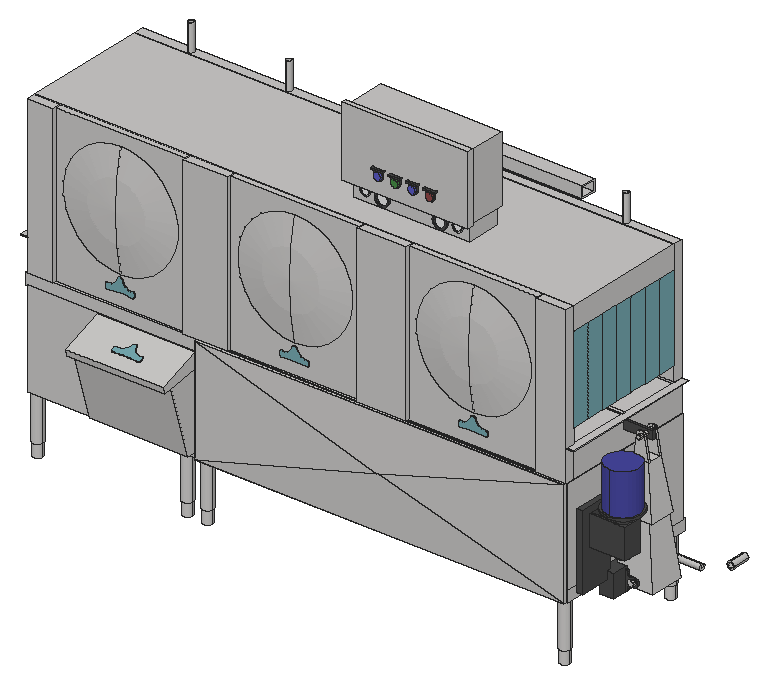
Revit family (continued)
Lines and regions (in)
  symbolic lines, visible <- "Left Vent"
    curve 32: line (-34.10978, -48.0625, 10) -> (-30.23478, -48.0625, 10)
    curve 33: line (-34.10978, -72.9375, 10) -> (-34.10978, -48.0625, 10)
    curve 34: line (-30.23478, -72.9375, 10) -> (-34.10978, -72.9375, 10)
    curve 35: line (-30.23478, -48.0625, 10) -> (-30.23478, -72.9375, 10)
  symbolic lines, style "QF_Clearances", visible <- "Left Vent", detail levels coarse
    curve 36: line (-37.17228, -47.5, 0) -> (-37.17228, -43, 0)
    curve 37: line (-37.17228, -43, 0) -> (-28.42228, -43, 0)
  symbolic lines, visible <- "Standard Doors"
    curve 41: line (-22.70185, -72.5, 0) -> (-0.20185, -72.5, 0)
    curve 45: line (7.57772, -72.5, 0) -> (30.07772, -72.5, 0)
    curve 52: line (61.07772, -72.5, 0) -> (38.57772, -72.5, 0)
  symbolic lines, visible <- "Swing Doors"
    curve 53: line (-2.01435, -72.99658, 55.5) -> (-2.01435, -74.12158, 55.5)
    curve 54: line (-1.26435, -72.99658, 55.5) -> (-1.26435, -74.12158, 55.5)
    curve 55: arc (-1.26435, -74.12158, 55.5) -> (-1.63935, -74.49658, 55.5) -> (-2.01435, -74.12158, 55.5) r 0.375
    curve 56: line (28.26522, -72.99658, 55.5) -> (28.26522, -74.12158, 55.5)
    curve 57: line (29.01522, -72.99658, 55.5) -> (29.01522, -74.12158, 55.5)
    curve 58: arc (29.01522, -74.12158, 55.5) -> (28.64022, -74.49658, 55.5) -> (28.26522, -74.12158, 55.5) r 0.375
    curve 59: line (39.64022, -72.99658, 55.5) -> (39.64022, -74.12158, 55.5)
    curve 60: line (40.39022, -72.99658, 55.5) -> (40.39022, -74.12158, 55.5)
    curve 61: arc (40.39022, -74.12158, 55.5) -> (40.01522, -74.49658, 55.5) -> (39.64022, -74.12158, 55.5) r 0.375
  symbolic lines, style "QF_Clearances", visible <- "Swing Doors", detail levels coarse
    curve 62: line (-22.70185, -95.5, 55.5) -> (-22.70185, -73, 55.5)
    curve 63: arc (-22.70185, -95.5, 55.5) -> (-6.79195, -88.9099, 55.5) -> (-0.20185, -73, 55.5) r 22.5
    curve 64: line (7.57772, -95.5, 55.5) -> (7.57772, -73, 55.5)
    curve 65: arc (7.57772, -95.5, 55.5) -> (23.48762, -88.9099, 55.5) -> (30.07772, -73, 55.5) r 22.5
    curve 66: line (61.07772, -95.5, 55.5) -> (61.07772, -73, 55.5)
    curve 67: arc (61.07772, -95.5, 55.5) -> (45.16782, -88.9099, 55.5) -> (38.57772, -73, 55.5) r 22.5
  symbolic lines, style "QF_Surface Details"
    curve 68: line (36.82772, -54.84398, 52.4375) -> (7.82772, -54.84398, 52.4375)
    curve 69: line (7.82772, -54.84398, 52.4375) -> (12.32772, -52.34959, 52.4375)
    curve 70: line (7.82772, -54.84398, 52.4375) -> (12.32772, -57.33837, 52.4375)
Dimensions and locks (in)
  "Depth": plane 6 "FRONT" to plane 3 "BACK"
  locked: plane 7 "Right of Top" to plane 5 "RIGHT" at 0.25
  locked: plane 7 "Right of Top" to plane 8 "Right of Ledge" at 1.5
  locked: plane 11 "Bottom of Machine" to level at 10
  "Table Height": plane 12 "Table Height" to level
  "Machine Height": plane 13 "Top of Machine" to level
  "Total Height": plane 4 "TOP" to level
  locked: plane 15 to plane 11 "Bottom of Machine" at 2
  locked: plane 12 "Table Height" to plane 14 "Panel Top" at 5.5
  locked: plane 6 "FRONT" to plane 16 at 0.5
  locked: plane 3 "BACK" to plane 17 at 0.5
  locked: plane 18 to plane 2 "Left of Main Body" at 0.25
  locked: plane 5 "RIGHT" to plane 19 at 0.25
  locked: plane 3 "BACK" to plane 20 at 1.625
  locked: plane 6 "FRONT" to plane 21 at 1.625
  equal spacing: plane 2 "Left of Main Body", plane 22 "Door Center", plane 5 "RIGHT"
  "Single Door Opening": plane 23 to plane 24
  locked: plane 13 "Top of Machine" to plane 25 "Top of Opening" at 4
  locked: plane 22 "Door Center" to Blend 10 sketch curve at 0.03125  (x2)
  locked: Extrusion 13 sketch curve to plane 21 at 1.125
  locked: plane 26 to level at 2.25
  plane 18 to Extrusion 14 sketch curve = 0' - 1 1/4"
  plane 17 to Extrusion 14 sketch curve = 0' - 1 1/2"
  locked: plane 17 to Extrusion 15 sketch curve at 1.5
  locked: plane 18 to Extrusion 15 sketch curve at 1.25
  locked: plane 17 to Extrusion 16 sketch curve at 1.5
  locked: Extrusion 16 sketch curve to plane 19 at 1.25
  locked: Extrusion 17 sketch curve to plane 19 at 1.25
  locked: plane 17 to Extrusion 17 sketch curve at 1.5
  locked: Extrusion 20 sketch curve to plane 19 at 1.25
  locked: Extrusion 20 sketch curve to plane 16 at 1.5
  locked: Extrusion 21 sketch curve to plane 19 at 1.25
  locked: Extrusion 21 sketch curve to plane 16 at 1.5
  locked: Extrusion 18 sketch curve to plane 16 at 1.5
  locked: plane 18 to Extrusion 18 sketch curve at 1.25
  locked: Extrusion 19 sketch curve to plane 16 at 1.5
  locked: plane 18 to Extrusion 19 sketch curve at 1.25
  locked: plane 27 to plane 22 "Door Center" at 10
  locked: plane 27 to plane 28 at 20
  locked: plane 29 to plane 22 "Door Center" at 11
  locked: plane 29 to plane 30 at 22
  plane 31 "Front of Lower Panel" to plane 6 "FRONT" = 0' - 6 1/2"
  locked: plane 32 to plane 31 "Front of Lower Panel" at 6
  locked: plane 33 to plane 6 "FRONT" at 6
  locked: plane 34 "Back of Panel" to plane 33 at 7
  locked: plane 33 to plane 35 "Front of Upper Panel" at 1
  locked: plane 29 to plane 36 at 0.5
  locked: plane 37 to plane 30 at 0.5
  locked: Extrusion 27 sketch curve to plane 27 at 5
  locked: Extrusion 27 sketch curve to plane 13 "Top of Machine" at 1.5
  locked: Extrusion 28 sketch curve to plane 27 at 2
  locked: Extrusion 28 sketch curve to plane 13 "Top of Machine" at 1.75
  locked: Extrusion 31 sketch curve to plane 28 at 5
  locked: Extrusion 31 sketch curve to plane 13 "Top of Machine" at 1.5
  locked: Extrusion 32 sketch curve to plane 28 at 2
  locked: Extrusion 32 sketch curve to plane 13 "Top of Machine" at 1.75
  locked: Extrusion 41 sketch curve to plane 14 "Panel Top" at 4.12493
  locked: plane 38 to plane 9 "Right End Cowl" at 0.125
  locked: plane 10 to plane 39 at 3.875
  locked: plane 40 to plane 41 at 24.875
  locked: plane 41 to plane 6 "FRONT" at 0.0625
  plane 42 "Top of Vents" to plane 13 "Top of Machine" = 0' - 4"
  locked: Extrusion 46 sketch curve to plane 5 "RIGHT" at 1.375
  locked: plane 5 "RIGHT" to Extrusion 47 sketch curve at 1.375
  locked: plane 5 "RIGHT" to Extrusion 47 sketch curve at 7.625
  locked: plane 5 "RIGHT" to Extrusion 47 sketch curve at 6
  locked: plane 5 "RIGHT" to Extrusion 48 sketch curve at 6
  locked: plane 5 "RIGHT" to Extrusion 51 sketch curve at 6
  locked: plane 5 "RIGHT" to Extrusion 52 sketch curve at 6
  locked: plane 5 "RIGHT" to Blend 50 sketch curve at 6
  locked: Extrusion 63 sketch curve to plane 3 "BACK" at 0.75
  locked: plane 43 to plane 22 "Door Center" at 14.5
  locked: plane 43 to plane 44 at 29
  locked: plane 46 to plane 13 "Top of Machine" at 2
  locked: plane 45 to plane 3 "BACK" at 3
  Extrusion 66 sketch curve to plane 13 "Top of Machine" = 1' - 1"
  locked: plane 30 to Extrusion 66 sketch curve at 1
  Extrusion 67 sketch curve to plane 3 "BACK" = 0' - 3"
  locked: plane 47 to plane 3 "BACK" at 5
  locked: plane 48 to plane 13 "Top of Machine" at 29
  "Single Door Opening": plane 49 to plane 50
  locked: Extrusion 63 sketch curve to plane 5 "RIGHT" at 9
  locked: Extrusion 77 sketch curve to plane 3 "BACK" at 0.75
  locked: plane 51 to plane 53 at 0.125
  locked: plane 54 to plane 52 at 3.875
  "Width": plane 55 "LEFT" to plane 5 "RIGHT"
  locked: plane 57 to plane 56 at 1.5
  "Single Door Opening": plane 60 to plane 59
  locked: plane 55 "LEFT" to Extrusion 96 sketch curve at 9
  Extrusion 67 sketch curve to plane 5 "RIGHT" = 0' - 5"
  locked: plane 55 "LEFT" to plane 56 at 0.25
  locked: plane 58 to plane 55 "LEFT" at 0.25
  locked: plane 61 to plane 18 at 17
  plane 55 "LEFT" to Extrusion 91 sketch curve = 1' - 9"
  plane 55 "LEFT" to Extrusion 77 sketch curve = 2' - 2"
  locked: plane 62 to plane 63 at 5
  locked: plane 5 "RIGHT" to plane 62 at 6
  locked: plane 64 to level at 8
  locked: plane 3 "BACK" to plane 65 "Drain" at 3
  locked: plane 53 to plane 54 at 2.9375
  locked: plane 51 to plane 55 "LEFT" at 10
  locked: plane 39 to plane 38 at 2.9375
  locked: plane 5 "RIGHT" to plane 9 "Right End Cowl" at 10
  locked: plane 55 "LEFT" to plane 2 "Left of Main Body" at 29.5
  locked: plane 55 "LEFT" to plane 60 at 4.47043
  locked: plane 2 "Left of Main Body" to plane 23 at 5.25
  locked: plane 50 to plane 5 "RIGHT" at 5.25
  locked: plane 60 to plane 67 at 0.25
  locked: plane 69 to plane 59 at 0.125
  locked: plane 71 to plane 59 at 1.4375
  locked: plane 23 to plane 66 at 0.25
  locked: plane 68 to plane 24 at 0.125
  locked: plane 70 to plane 24 at 1.4375
  locked: plane 49 to plane 72 at 0.125
  locked: plane 49 to plane 73 at 1.4375
  locked: plane 74 to plane 50 at 0.25
  aligned and locked: level to plane 1
  aligned and locked: Extrusion 1 sketch curve to plane 17
  aligned and locked: Extrusion 1 sketch curve to plane 18
  aligned and locked: plane 19 to Extrusion 1 sketch curve
  aligned and locked: Extrusion 1 to plane 11 "Bottom of Machine"
  aligned and locked: plane 15 to Extrusion 1
  aligned and locked: plane 2 "Left of Main Body" to Extrusion 2 sketch curve
  aligned and locked: plane 6 "FRONT" to Extrusion 2 sketch curve
  aligned and locked: plane 3 "BACK" to Extrusion 2 sketch curve
  aligned and locked: plane 14 "Panel Top" to Extrusion 2
  aligned and locked: Extrusion 2 to plane 15
  aligned: plane 2 "Left of Main Body" to Extrusion 3 sketch curve
  aligned and locked: Extrusion 3 sketch curve to plane 6 "FRONT"
  aligned and locked: Extrusion 3 sketch curve to plane 3 "BACK"
  aligned and locked: plane 5 "RIGHT" to Extrusion 4 sketch curve
  aligned and locked: plane 6 "FRONT" to Extrusion 4 sketch curve
  aligned and locked: plane 8 "Right of Ledge" to Extrusion 4 sketch curve
  aligned and locked: plane 3 "BACK" to Extrusion 4 sketch curve
  aligned and locked: plane 3 "BACK" to Extrusion 5 sketch curve
  aligned and locked: Extrusion 5 sketch curve to plane 21
  aligned and locked: Extrusion 5 to plane 14 "Panel Top"
  aligned and locked: plane 3 "BACK" to Extrusion 6 sketch curve
  aligned and locked: plane 20 to Extrusion 6 sketch curve
  aligned and locked: Extrusion 7 sketch curve to plane 5 "RIGHT"
  aligned and locked: Extrusion 7 sketch curve to plane 21
  aligned and locked: Extrusion 7 sketch curve to plane 20
  aligned and locked: plane 3 "BACK" to Extrusion 8 sketch curve
  aligned and locked: plane 20 to Extrusion 8 sketch curve
  aligned and locked: Extrusion 8 sketch curve to plane 5 "RIGHT"
  aligned and locked: Extrusion 8 to plane 12 "Table Height"
  aligned and locked: Extrusion 7 to plane 25 "Top of Opening"
  aligned and locked: Extrusion 9 sketch curve to plane 23
  aligned and locked: plane 14 "Panel Top" to Extrusion 9 sketch curve
  aligned and locked: Extrusion 9 to plane 21
  aligned and locked: Extrusion 9 sketch curve to plane 13 "Top of Machine"
  aligned and locked: plane 2 "Left of Main Body" to Blend 10 sketch curve
  aligned and locked: plane 11 "Bottom of Machine" to Blend 10 sketch curve
  aligned and locked: Blend 10 sketch curve to plane 14 "Panel Top"
  aligned and locked: Blend 10 sketch curve to plane 5 "RIGHT"
  aligned and locked: plane 6 "FRONT" to Extrusion 1 sketch curve
  aligned and locked: plane 2 "Left of Main Body" to Extrusion 11 sketch curve
  aligned and locked: Extrusion 11 sketch curve to plane 6 "FRONT"
  aligned and locked: plane 16 to Extrusion 11 sketch curve
  aligned and locked: Extrusion 11 sketch curve to plane 5 "RIGHT"
  aligned and locked: Extrusion 11 to plane 11 "Bottom of Machine"
  aligned and locked: plane 14 "Panel Top" to Extrusion 11
  aligned and locked: Extrusion 12 sketch curve to plane 13 "Top of Machine"
  aligned and locked: Extrusion 12 sketch curve to plane 5 "RIGHT"
  aligned and locked: plane 14 "Panel Top" to Extrusion 12 sketch curve
  aligned and locked: Extrusion 12 to plane 21
  aligned and locked: Extrusion 13 sketch curve to plane 24
  aligned and locked: plane 21 to Extrusion 13 sketch curve
  aligned and locked: plane 23 to Extrusion 13 sketch curve
  aligned and locked: Extrusion 13 to plane 14 "Panel Top"
  aligned and locked: plane 26 to Extrusion 14
  aligned and locked: Extrusion 15 to plane 26
  aligned and locked: plane 11 "Bottom of Machine" to Extrusion 15
  aligned and locked: plane 21 to Extrusion 22 sketch curve
  aligned and locked: plane 5 "RIGHT" to Extrusion 22 sketch curve  (x7)
  aligned and locked: plane 20 to Extrusion 22 sketch curve
  aligned: plane 2 "Left of Main Body" to Extrusion 23 sketch curve  (x7)
  aligned and locked: Extrusion 23 sketch curve to plane 20
  aligned and locked: Extrusion 23 sketch curve to plane 21
  aligned and locked: Extrusion 24 sketch curve to plane 32
  aligned and locked: plane 31 "Front of Lower Panel" to Extrusion 24 sketch curve
  aligned and locked: plane 27 to Extrusion 24 sketch curve
  aligned and locked: plane 28 to Extrusion 24 sketch curve
  aligned and locked: Extrusion 25 sketch curve to plane 34 "Back of Panel"
  aligned and locked: plane 33 to Extrusion 25 sketch curve
  aligned and locked: plane 36 to Extrusion 25 sketch curve
  aligned and locked: Extrusion 25 sketch curve to plane 37
  aligned and locked: Extrusion 26 sketch curve to plane 33
  aligned and locked: plane 35 "Front of Upper Panel" to Extrusion 26 sketch curve
  aligned and locked: plane 29 to Extrusion 26 sketch curve
  aligned and locked: Extrusion 26 sketch curve to plane 30
  aligned and locked: Extrusion 29 sketch curve to Extrusion 28  (x2)
  aligned and locked: Extrusion 30 sketch curve to Extrusion 27  (x2)
  aligned and locked: Extrusion 33 sketch curve to Extrusion 32  (x2)
  aligned and locked: Extrusion 34 sketch curve to Extrusion 31  (x2)
  aligned and locked: Extrusion 42 sketch curve to plane 13 "Top of Machine"
  aligned and locked: Extrusion 42 sketch curve to plane 6 "FRONT"
  aligned and locked: plane 21 to Extrusion 42 sketch curve
  aligned and locked: plane 20 to Extrusion 42 sketch curve
  aligned and locked: plane 3 "BACK" to Extrusion 42 sketch curve
  aligned and locked: plane 6 "FRONT" to Extrusion 43 sketch curve
  aligned and locked: Extrusion 43 sketch curve to plane 13 "Top of Machine"
  aligned and locked: plane 3 "BACK" to Extrusion 43 sketch curve
  aligned and locked: plane 20 to Extrusion 43 sketch curve
  aligned and locked: plane 25 "Top of Opening" to Extrusion 43 sketch curve
  aligned and locked: plane 21 to Extrusion 43 sketch curve
  aligned and locked: Extrusion 43 to plane 38
  aligned and locked: plane 38 to Extrusion 42
  aligned and locked: Extrusion 44 sketch curve to plane 10
  aligned and locked: plane 39 to Extrusion 44 sketch curve
  aligned and locked: plane 40 to Extrusion 44 sketch curve
  aligned and locked: Extrusion 44 sketch curve to plane 41
  aligned and locked: Extrusion 45 sketch curve to Extrusion 44  (x4)
  aligned and locked: Extrusion 49 sketch curve to Extrusion 47
  aligned and locked: Blend 50 sketch curve to Extrusion 49  (x2)
  aligned and locked: Extrusion 59 sketch curve to Extrusion 57  (x2)
  aligned and locked: Extrusion 46 to plane 5 "RIGHT"
  aligned and locked: Extrusion 53 to plane 5 "RIGHT"
  aligned: nested 1 to cut or joined group of Extrusion 42, Extrusion 45
  aligned and locked: plane 10 to nested 1
  aligned and locked: plane 39 to nested 1
  aligned and locked: plane 41 to nested 1
  aligned and locked: nested 1 to plane 40
  aligned and locked: Extrusion 64 to plane 43
  aligned and locked: Extrusion 64 to plane 44
  aligned and locked: Extrusion 65 to plane 44
  aligned and locked: Extrusion 65 to plane 43
  aligned and locked: plane 3 "BACK" to curve 1
  aligned and locked: curve 4 to plane 5 "RIGHT"
  aligned and locked: plane 6 "FRONT" to curve 3
  aligned and locked: curve 6 to plane 9 "Right End Cowl"
  aligned and locked: plane 43 to curve 8
  aligned and locked: plane 44 to curve 10
  aligned and locked: curve 9 to plane 45
  aligned and locked: plane 8 "Right of Ledge" to curve 12
  aligned and locked: curve 13 to plane 34 "Back of Panel"
  aligned and locked: plane 33 to curve 15
  aligned and locked: plane 36 to curve 14
  aligned and locked: curve 16 to plane 37
  aligned and locked: plane 29 to curve 20
  aligned and locked: plane 35 "Front of Upper Panel" to curve 19
  aligned and locked: curve 18 to plane 30
  aligned and locked: plane 41 to curve 24
  aligned and locked: curve 25 to plane 39
  aligned and locked: plane 10 to curve 23
  aligned and locked: curve 22 to plane 40
  aligned and locked: Extrusion 68 sketch curve to plane 17  (x2)
  aligned and locked: plane 47 to Extrusion 68 sketch curve
  aligned and locked: plane 44 to Extrusion 68 sketch curve
  aligned and locked: Extrusion 68 sketch curve to plane 45
  aligned and locked: plane 43 to Extrusion 68 sketch curve
  aligned: plane 42 "Top of Vents" to Extrusion 68
  aligned: plane 4 "TOP" to Extrusion 68
  aligned and locked: plane 13 "Top of Machine" to Extrusion 69 sketch curve
  aligned and locked: Extrusion 69 sketch curve to plane 24
  aligned and locked: plane 23 to Extrusion 69 sketch curve
  aligned and locked: Extrusion 69 sketch curve to plane 48
  aligned and locked: Extrusion 69 to plane 21
  aligned and locked: Extrusion 68 sketch curve to plane 8 "Right of Ledge"
  aligned and locked: Extrusion 70 sketch curve to plane 47
  aligned and locked: Extrusion 70 sketch curve to plane 8 "Right of Ledge"
  aligned and locked: plane 17 to Extrusion 70 sketch curve
  aligned and locked: Extrusion 70 sketch curve to plane 9 "Right End Cowl"
  aligned and locked: plane 4 "TOP" to Extrusion 70
  aligned and locked: curve 28 to plane 9 "Right End Cowl"
  aligned and locked: curve 27 to plane 47
  aligned and locked: Extrusion 72 sketch curve to plane 50
  aligned and locked: plane 49 to Extrusion 72 sketch curve
  aligned and locked: Extrusion 74 sketch curve to plane 50
  aligned and locked: plane 49 to Extrusion 74 sketch curve
  aligned and locked: plane 50 to Extrusion 12 sketch curve
  aligned and locked: plane 24 to Extrusion 76 sketch curve
  aligned and locked: Extrusion 76 sketch curve to plane 49
  aligned and locked: Extrusion 76 sketch curve to plane 13 "Top of Machine"
  aligned and locked: plane 14 "Panel Top" to Extrusion 76 sketch curve
  aligned and locked: Extrusion 76 to plane 21
  aligned and locked: Extrusion 76 to plane 6 "FRONT"
  aligned and locked: Extrusion 78 sketch curve to Extrusion 67  (x2)
  aligned and locked: Extrusion 79 to plane 53
  aligned and locked: plane 53 to Extrusion 80
  aligned and locked: plane 54 to Extrusion 81 sketch curve
  aligned and locked: Extrusion 81 sketch curve to plane 52
  aligned and locked: curve 30 to plane 51
  aligned and locked: curve 35 to plane 52
  aligned and locked: plane 54 to curve 33
  aligned and locked: plane 51 to Extrusion 82 sketch curve
  aligned and locked: plane 51 to curve 36
  aligned and locked: Extrusion 92 sketch curve to Extrusion 91  (x2)
  aligned and locked: plane 59 to Extrusion 9 sketch curve
  aligned and locked: Extrusion 93 sketch curve to plane 60
  aligned and locked: plane 55 "LEFT" to Extrusion 93 sketch curve
  aligned and locked: plane 55 "LEFT" to Extrusion 5 sketch curve
  aligned and locked: Extrusion 5 sketch curve to plane 5 "RIGHT"
  aligned and locked: Extrusion 6 sketch curve to plane 5 "RIGHT"  (x2)
  aligned and locked: plane 55 "LEFT" to Extrusion 6 sketch curve  (x2)
  aligned and locked: Extrusion 94 sketch curve to plane 58
  aligned: plane 18 to Extrusion 94 sketch curve
  aligned and locked: plane 19 to Extrusion 2 sketch curve
  aligned and locked: plane 55 "LEFT" to Extrusion 8 sketch curve
  aligned and locked: plane 55 "LEFT" to Extrusion 7 sketch curve
  aligned and locked: plane 57 to Extrusion 82
  aligned and locked: Extrusion 86 to plane 55 "LEFT"
  aligned and locked: Extrusion 86 to plane 11 "Bottom of Machine"
  aligned and locked: plane 61 to Extrusion 87
  aligned and locked: Extrusion 88 to Extrusion 87
  aligned and locked: plane 61 to curve 42
  aligned and locked: cut or joined group of Extrusion 42, Extrusion 45 to plane 5 "RIGHT"
  aligned and locked: plane 21 to Extrusion 117 sketch curve
  aligned and locked: plane 6 "FRONT" to Extrusion 117 sketch curve
  aligned and locked: plane 67 to Extrusion 117 sketch curve
  aligned and locked: Extrusion 117 sketch curve to plane 69
  aligned and locked: plane 21 to Extrusion 118 sketch curve
  aligned and locked: plane 6 "FRONT" to Extrusion 118 sketch curve
  aligned and locked: plane 66 to Extrusion 118 sketch curve
  aligned and locked: Extrusion 118 sketch curve to plane 68
  aligned and locked: plane 21 to Extrusion 119 sketch curve
  aligned and locked: plane 6 "FRONT" to Extrusion 119 sketch curve
  aligned and locked: Extrusion 119 sketch curve to plane 74
  aligned and locked: plane 72 to Extrusion 119 sketch curve
  aligned and locked: Extrusion 117 to plane 14 "Panel Top"
  aligned and locked: Extrusion 118 to plane 14 "Panel Top"
  aligned and locked: Extrusion 119 to plane 14 "Panel Top"
  aligned and locked: plane 60 to curve 62
  aligned and locked: plane 23 to curve 64
  aligned and locked: plane 50 to curve 66
Automatic sketch dimensions
  Extrusion 35 sketch curve to Extrusion 35 sketch curve = 0' - 1"  (x3)
  Extrusion 35 sketch curve to Extrusion 35 sketch curve = 0' - 2"  (x4)
  Extrusion 35 sketch curve to Extrusion 35 sketch curve = 0' - 0 1/4"  (x5)
  Extrusion 35 sketch curve to Extrusion 35 sketch curve = 0' - 0"  (x2)
  Extrusion 40 sketch curve to Extrusion 40 sketch curve = 0' - 1 1/2"  (x3)
  Extrusion 40 sketch curve to Extrusion 40 sketch curve = 0' - 0 3/4"  (x4)
  Extrusion 40 sketch curve to Extrusion 40 sketch curve = 0' - 0"  (x3)
  Extrusion 40 sketch curve to Extrusion 40 sketch curve = 0' - 0 7/8"  (x4)
  Extrusion 88 sketch curve to Extrusion 88 sketch curve = 0' - 0.24812"
  Extrusion 88 sketch curve to Extrusion 88 sketch curve = 0' - 1.04649"
  Extrusion 89 sketch curve to Extrusion 89 sketch curve = 0' - 0.25142"  (x2)
  Extrusion 89 sketch curve to Extrusion 89 sketch curve = 0' - 0.25483"
  Extrusion 89 sketch curve to Extrusion 89 sketch curve = 0' - 0.30345"
  Extrusion 89 sketch curve to Extrusion 89 sketch curve = 0' - 1.63184"  (x2)
  Extrusion 89 sketch curve to Extrusion 89 sketch curve = 0' - 1.52338"
  Extrusion 89 sketch curve to Extrusion 89 sketch curve = 0' - 0.41934"
  Extrusion 89 sketch curve to Extrusion 89 sketch curve = 0' - 0.42496"
  Extrusion 89 sketch curve to Extrusion 89 sketch curve = 0' - 0"  (x2)
  Extrusion 89 sketch curve to Extrusion 89 sketch curve = 0' - 1.22253"
  Extrusion 89 sketch curve to Extrusion 89 sketch curve = 0' - 1.51845"
  Extrusion 89 sketch curve to Extrusion 89 sketch curve = 0' - 0.00341"
  Extrusion 89 sketch curve to Extrusion 89 sketch curve = 0' - 11.90119"
  Extrusion 89 sketch curve to Extrusion 89 sketch curve = 0' - 0.08323"
  Extrusion 89 sketch curve to Extrusion 89 sketch curve = 0' - 0.48493"  (x2)
  Extrusion 89 sketch curve to Extrusion 89 sketch curve = 0' - 1.96861"
  Extrusion 108 sketch curve to Extrusion 108 sketch curve = 0' - 1"  (x3)
  Extrusion 108 sketch curve to Extrusion 108 sketch curve = 0' - 2"  (x4)
  Extrusion 108 sketch curve to Extrusion 108 sketch curve = 0' - 0 1/4"  (x5)
  Extrusion 108 sketch curve to Extrusion 108 sketch curve = 0' - 0"  (x2)
  Extrusion 113 sketch curve to Extrusion 113 sketch curve = 0' - 1 1/2"  (x3)
  Extrusion 113 sketch curve to Extrusion 113 sketch curve = 0' - 0 3/4"  (x4)
  Extrusion 113 sketch curve to Extrusion 113 sketch curve = 0' - 0"  (x3)
  Extrusion 113 sketch curve to Extrusion 113 sketch curve = 0' - 0 7/8"  (x4)
  Extrusion 87 sketch curve to Extrusion 87 sketch curve = 0' - 3.69119"
  Extrusion 87 sketch curve to Extrusion 87 sketch curve = 0' - 5.50369"
  Extrusion 87 sketch curve to Extrusion 87 sketch curve = 1' - 0.07335"
  Extrusion 87 sketch curve to Extrusion 87 sketch curve = 0' - 0.73915"
  Extrusion 88 sketch curve to Extrusion 88 sketch curve = 0' - 6.75188"
  Extrusion 88 sketch curve to Extrusion 88 sketch curve = 0' - 0.90679"
  Extrusion 88 sketch curve to Extrusion 88 sketch curve = 0' - 2 11/16"
  Extrusion 89 sketch curve to Extrusion 89 sketch curve = 0' - 0.61126"
  Extrusion 115 sketch curve to Extrusion 115 sketch curve = 0' - 0.24812"
  Extrusion 115 sketch curve to Extrusion 115 sketch curve = 0' - 1.04649"
  Extrusion 116 sketch curve to Extrusion 116 sketch curve = 0' - 0.25142"  (x2)
  Extrusion 116 sketch curve to Extrusion 116 sketch curve = 0' - 0.25483"
  Extrusion 116 sketch curve to Extrusion 116 sketch curve = 0' - 0.30345"
  Extrusion 116 sketch curve to Extrusion 116 sketch curve = 0' - 1.63184"  (x2)
  Extrusion 116 sketch curve to Extrusion 116 sketch curve = 0' - 1.52338"
  Extrusion 116 sketch curve to Extrusion 116 sketch curve = 0' - 0.41934"
  Extrusion 116 sketch curve to Extrusion 116 sketch curve = 0' - 0.42496"
  Extrusion 116 sketch curve to Extrusion 116 sketch curve = 0' - 0"  (x2)
  Extrusion 116 sketch curve to Extrusion 116 sketch curve = 0' - 1.22253"
  Extrusion 116 sketch curve to Extrusion 116 sketch curve = 0' - 1.51845"
  Extrusion 116 sketch curve to Extrusion 116 sketch curve = 0' - 0.00341"
  Extrusion 116 sketch curve to Extrusion 116 sketch curve = 0' - 11.90119"
  Extrusion 116 sketch curve to Extrusion 116 sketch curve = 0' - 0.08323"
  Extrusion 116 sketch curve to Extrusion 116 sketch curve = 0' - 0.48493"  (x2)
  Extrusion 116 sketch curve to Extrusion 116 sketch curve = 0' - 1.96861"
  Extrusion 114 sketch curve to Extrusion 114 sketch curve = 0' - 3.69119"
  Extrusion 114 sketch curve to Extrusion 114 sketch curve = 0' - 5.50369"
  Extrusion 114 sketch curve to Extrusion 114 sketch curve = 1' - 0.07335"
  Extrusion 114 sketch curve to Extrusion 114 sketch curve = 0' - 0.73915"
  Extrusion 115 sketch curve to Extrusion 115 sketch curve = 0' - 6.75188"
  Extrusion 115 sketch curve to Extrusion 115 sketch curve = 0' - 0.90679"
  Extrusion 115 sketch curve to Extrusion 115 sketch curve = 0' - 2 11/16"
  Extrusion 116 sketch curve to Extrusion 116 sketch curve = 0' - 0.61126"
  plane 32 to Extrusion 6 sketch curve = 0' - 0 1/4"
  Extrusion 6 sketch curve to plane 32 = 0' - 0 1/4"
  Extrusion 27 sketch curve to Extrusion 27 sketch curve = 0' - 0"  (x2)
  Extrusion 28 sketch curve to Extrusion 28 sketch curve = 0' - 0"  (x2)
  Extrusion 31 sketch curve to Extrusion 31 sketch curve = 0' - 0"  (x2)
  Extrusion 32 sketch curve to Extrusion 32 sketch curve = 0' - 0"  (x2)
  Extrusion 44 sketch curve to plane 41 = 0' - 0 1/8"
  plane 40 to Extrusion 44 sketch curve = 0' - 0 1/8"
  Extrusion 44 sketch curve to plane 10 = 0' - 0 1/8"
  plane 39 to Extrusion 44 sketch curve = 0' - 0 1/8"
  Extrusion 48 sketch curve to plane 35 "Front of Upper Panel" = 0' - 0 3/16"
  Blend 50 sketch curve to plane 35 "Front of Upper Panel" = 0' - 0 3/16"
  Extrusion 51 sketch curve to plane 35 "Front of Upper Panel" = 0' - 0 3/16"
  Extrusion 52 sketch curve to plane 35 "Front of Upper Panel" = 0' - 0 3/16"
  Blend 60 sketch curve to plane 8 "Right of Ledge" = 0' - 0 5/16"
  Blend 60 sketch curve to plane 32 = 0' - 2 1/4"
  plane 34 "Back of Panel" to Blend 60 sketch curve = 0' - 1 3/4"
  Blend 60 sketch curve to plane 39 = 0' - 0 1/4"
  Blend 60 sketch curve to plane 10 = 0' - 0 1/4"
  Blend 60 sketch curve to plane 32 = 0' - 1 1/4"
  plane 34 "Back of Panel" to Blend 60 sketch curve = 0' - 0 3/4"
  Blend 60 sketch curve to plane 62 = 0' - 0 9/16"
  plane 39 to Blend 61 sketch curve = 0' - 0 1/2"
  plane 31 "Front of Lower Panel" to Blend 61 sketch curve = 0' - 3"
  plane 34 "Back of Panel" to Blend 61 sketch curve = 0' - 2 1/2"
  plane 8 "Right of Ledge" to Blend 61 sketch curve = 0' - 0 7/16"
  Blend 61 sketch curve to plane 8 "Right of Ledge" = 0' - 0 9/16"
  Blend 61 sketch curve to plane 32 = 0' - 2"
  plane 34 "Back of Panel" to Blend 61 sketch curve = 0' - 1 1/2"
  plane 62 to Blend 61 sketch curve = 0' - 0 3/16"
  Extrusion 64 sketch curve to plane 46 = 0' - 0"
  Extrusion 64 sketch curve to plane 13 "Top of Machine" = 0' - 0"
  Extrusion 64 sketch curve to plane 45 = 0' - 0"
  Extrusion 64 sketch curve to plane 45 = 0' - 0 1/8"
  Extrusion 64 sketch curve to plane 17 = 0' - 0 1/8"
  Extrusion 64 sketch curve to Extrusion 64 sketch curve = 0' - 0 1/8"
  plane 13 "Top of Machine" to Extrusion 64 sketch curve = 0' - 0 1/8"
  Extrusion 64 sketch curve to plane 46 = 0' - 0 1/8"
  Extrusion 65 sketch curve to plane 3 "BACK" = 0' - 0"
  Extrusion 65 sketch curve to plane 13 "Top of Machine" = 0' - 0"
  Extrusion 65 sketch curve to plane 3 "BACK" = 0' - 0 1/4"
  Extrusion 65 sketch curve to Extrusion 65 sketch curve = 0' - 0 1/8"
  Extrusion 74 sketch curve to plane 13 "Top of Machine" = 0' - 0"
  Extrusion 74 sketch curve to plane 48 = 0' - 0"
  Extrusion 81 sketch curve to plane 41 = 0' - 0"
  Extrusion 81 sketch curve to plane 40 = 0' - 0"
  plane 41 to Extrusion 81 sketch curve = 0' - 0 1/8"
  Extrusion 81 sketch curve to plane 40 = 0' - 0 1/8"
  Extrusion 81 sketch curve to plane 52 = 0' - 0 1/8"
  plane 54 to Extrusion 81 sketch curve = 0' - 0 1/8"
  Extrusion 85 sketch curve to plane 48 = 0' - 0"
  Extrusion 85 sketch curve to plane 59 = 0' - 0"
  Extrusion 85 sketch curve to plane 13 "Top of Machine" = 0' - 0"
  Extrusion 85 sketch curve to plane 60 = 0' - 0"
  plane 41 to Extrusion 95 sketch curve = 0' - 0 1/8"
  Extrusion 95 sketch curve to plane 40 = 0' - 0 1/8"
  Extrusion 95 sketch curve to plane 52 = 0' - 0 1/8"
  plane 54 to Extrusion 95 sketch curve = 0' - 0 1/8"
  plane 59 to Extrusion 98 sketch curve = 0' - 0.02957"
  plane 20 to Extrusion 98 sketch curve = 0' - 0 5/8"
  plane 59 to Extrusion 99 sketch curve = 0' - 0.02957"
  plane 20 to Extrusion 99 sketch curve = 0' - 0 5/8"
  plane 56 to Extrusion 102 sketch curve = 0' - 0 3/4"
  plane 20 to Extrusion 102 sketch curve = 0' - 0 5/8"
  plane 56 to Extrusion 103 sketch curve = 0' - 0 3/4"
  plane 20 to Extrusion 103 sketch curve = 0' - 0 5/8"
  curve 37 to plane 57 = 0' - 0"
  curve 41 to plane 60 = 0' - 0"
  plane 21 to curve 39 = 0' - 0"
  curve 39 to plane 59 = 0' - 0"
  curve 44 to plane 6 "FRONT" = 0' - 0"
  curve 44 to plane 18 = 0' - 0"
  plane 21 to curve 47 = 0' - 0"
  curve 47 to plane 23 = 0' - 0"
  curve 48 to plane 24 = 0' - 0"
  plane 21 to curve 50 = 0' - 0"
  curve 50 to plane 49 = 0' - 0"
  curve 26 to plane 50 = 0' - 0"
  curve 52 to plane 50 = 0' - 0"
  curve 49 to plane 6 "FRONT" = 0' - 0"
  curve 51 to plane 6 "FRONT" = 0' - 0"
  curve 42 to plane 6 "FRONT" = 0' - 0"
  curve 46 to plane 6 "FRONT" = 0' - 0"
  curve 48 to plane 6 "FRONT" = 0' - 0"
  curve 38 to plane 6 "FRONT" = 0' - 0"
  curve 40 to plane 6 "FRONT" = 0' - 0"
  curve 36 to plane 17 = 0' - 0"
  curve 28 to plane 17 = 0' - 0"
  curve 44 to plane 16 = 0' - 6 1/2"
  plane 41 to curve 45 = 0' - 0 7/16"
  plane 41 to curve 52 = 0' - 0 7/16"
  plane 41 to curve 41 = 0' - 0 7/16"
  Extrusion 3 sketch curve to plane 55 "LEFT" = 0' - 0"
  Extrusion 3 sketch curve to plane 57 = 0' - 0"
  plane 15 to Blend 10 sketch curve = 0' - 7 7/32"
  Blend 10 sketch curve to Blend 10 sketch curve = 0' - 0 1/16"
  Extrusion 22 sketch curve to plane 35 "Front of Upper Panel" = 0' - 0 3/8"
  Extrusion 22 sketch curve to Extrusion 22 sketch curve = 0' - 0 1/8"  (x6)
  plane 31 "Front of Lower Panel" to Extrusion 22 sketch curve = 0' - 1 1/4"
  Extrusion 22 sketch curve to plane 32 = 0' - 1 5/8"
  Extrusion 22 sketch curve to plane 5 "RIGHT" = 0' - 0 1/8"  (x7)
  plane 34 "Back of Panel" to Extrusion 22 sketch curve = 0' - 1"
  Extrusion 22 sketch curve to Extrusion 22 sketch curve = 0' - 3"
  Extrusion 22 sketch curve to plane 65 "Drain" = 0' - 1 3/4"
  Extrusion 23 sketch curve to plane 55 "LEFT" = 0' - 0"  (x7)
  plane 35 "Front of Upper Panel" to Extrusion 23 sketch curve = 0' - 0 3/8"
  Extrusion 23 sketch curve to Extrusion 23 sketch curve = 0' - 0 1/8"  (x10)
  Extrusion 23 sketch curve to plane 31 "Front of Lower Panel" = 0' - 1 1/4"
  plane 32 to Extrusion 23 sketch curve = 0' - 1 5/8"
  Extrusion 23 sketch curve to plane 55 "LEFT" = 0' - 0 1/8"  (x3)
  Extrusion 23 sketch curve to plane 34 "Back of Panel" = 0' - 1"
  Extrusion 23 sketch curve to Extrusion 23 sketch curve = 0' - 3"
  plane 65 "Drain" to Extrusion 23 sketch curve = 0' - 1 3/4"
  plane 43 to Extrusion 41 sketch curve = 0' - 1.49793"
  Extrusion 41 sketch curve to Extrusion 41 sketch curve = 0' - 0.25142"  (x2)
  Extrusion 41 sketch curve to Extrusion 41 sketch curve = 0' - 0.25483"
  plane 43 to Extrusion 41 sketch curve = 0' - 0.94306"
  Extrusion 41 sketch curve to plane 43 = 0' - 0.38874"
  Extrusion 41 sketch curve to plane 43 = 0' - 0.58031"
  Extrusion 41 sketch curve to Extrusion 41 sketch curve = 0' - 0.41934"
  Extrusion 41 sketch curve to plane 43 = 0' - 1"
  Extrusion 41 sketch curve to Extrusion 41 sketch curve = 0' - 0.42496"
  Extrusion 41 sketch curve to Extrusion 41 sketch curve = 0' - 0"
  Extrusion 41 sketch curve to Extrusion 41 sketch curve = 0' - 1.22253"
  Extrusion 41 sketch curve to Extrusion 41 sketch curve = 0' - 1.51845"
  Extrusion 41 sketch curve to Extrusion 41 sketch curve = 0' - 1.63184"
  Extrusion 41 sketch curve to Extrusion 41 sketch curve = 0' - 0.00341"
  Extrusion 41 sketch curve to plane 12 "Table Height" = 0' - 2.43574"  (x2)
  Extrusion 41 sketch curve to Extrusion 41 sketch curve = 0' - 0.48493"  (x2)
  Extrusion 41 sketch curve to Extrusion 41 sketch curve = 0' - 0.08323"
  plane 15 to Extrusion 41 sketch curve = 0' - 6.6719"
  Extrusion 42 sketch curve to plane 40 = 0' - 0 1/16"
  plane 41 to Extrusion 42 sketch curve = 0' - 0 1/16"
  Extrusion 42 sketch curve to plane 13 "Top of Machine" = 0' - 0 1/8"
  Extrusion 42 sketch curve to plane 25 "Top of Opening" = 0' - 0.88572"
  Extrusion 42 sketch curve to Extrusion 42 sketch curve = 0' - 0.05178"  (x2)
  Extrusion 42 sketch curve to Extrusion 42 sketch curve = 0' - 1 1/2"  (x2)
  Extrusion 42 sketch curve to Extrusion 42 sketch curve = 0' - 0.17678"  (x2)
  plane 12 "Table Height" to Extrusion 42 sketch curve = 0' - 5.17678"
  Extrusion 43 sketch curve to plane 25 "Top of Opening" = 0' - 0 15/16"
  Extrusion 43 sketch curve to Extrusion 43 sketch curve = 0' - 1 5/8"  (x2)
  plane 12 "Table Height" to Extrusion 43 sketch curve = 0' - 5 1/8"
  plane 19 to Extrusion 46 sketch curve = 0' - 0"
  Extrusion 46 sketch curve to plane 5 "RIGHT" = 0' - 0"
  Extrusion 46 sketch curve to plane 15 = 0' - 0"
  plane 11 "Bottom of Machine" to Extrusion 46 sketch curve = 0' - 0 15/16"
  Extrusion 46 sketch curve to plane 14 "Panel Top" = 0' - 4 9/16"
  Extrusion 47 sketch curve to plane 62 = 0' - 0"
  Extrusion 47 sketch curve to plane 21 = 0' - 1 5/8"
  Extrusion 47 sketch curve to plane 35 "Front of Upper Panel" = 0' - 1 1/2"
  Extrusion 47 sketch curve to plane 35 "Front of Upper Panel" = 0' - 0 3/16"
  Extrusion 47 sketch curve to plane 31 "Front of Lower Panel" = 0' - 0 1/8"
  Extrusion 47 sketch curve to Extrusion 47 sketch curve = 0' - 0 1/4"
  Extrusion 53 sketch curve to plane 5 "RIGHT" = 0' - 0"
  plane 10 to Extrusion 53 sketch curve = 0' - 1 3/16"
  Extrusion 53 sketch curve to plane 62 = 0' - 0 3/4"
  Extrusion 53 sketch curve to plane 12 "Table Height" = 0' - 2 5/16"
  Extrusion 53 sketch curve to Extrusion 53 sketch curve = 0' - 0 3/4"
  Extrusion 53 sketch curve to plane 12 "Table Height" = 0' - 0 13/16"
  Extrusion 54 sketch curve to plane 15 = 0' - 0"
  plane 19 to Extrusion 54 sketch curve = 0' - 0"
  Extrusion 54 sketch curve to plane 5 "RIGHT" = 0' - 0"
  Extrusion 54 sketch curve to plane 10 = 0' - 0 5/16"
  plane 64 to Extrusion 54 sketch curve = 0' - 0 7/16"
  Extrusion 54 sketch curve to Extrusion 54 sketch curve = 0' - 0 7/16"
  Extrusion 55 sketch curve to Extrusion 55 sketch curve = 0' - 0"  (x2)
  plane 11 "Bottom of Machine" to Extrusion 55 sketch curve = 0' - 0 7/16"
  plane 10 to Extrusion 55 sketch curve = 0' - 1 3/16"
  plane 10 to Extrusion 55 sketch curve = 0' - 0 9/16"  (x2)
  Extrusion 55 sketch curve to plane 11 "Bottom of Machine" = 0' - 0 5/16"
  plane 10 to Extrusion 55 sketch curve = 0' - 0 3/16"  (x2)
  Extrusion 55 sketch curve to plane 10 = 0' - 0 1/16"  (x2)
  Extrusion 55 sketch curve to Extrusion 55 sketch curve = 0' - 0 1/4"
  Extrusion 55 sketch curve to Extrusion 55 sketch curve = 0' - 0 5/16"
  Extrusion 55 sketch curve to plane 15 = 0' - 0 1/8"
  Extrusion 56 sketch curve to Extrusion 56 sketch curve = 0' - 0"  (x2)
  plane 11 "Bottom of Machine" to Extrusion 56 sketch curve = 0' - 0 7/16"
  plane 10 to Extrusion 56 sketch curve = 0' - 1 3/16"
  plane 10 to Extrusion 56 sketch curve = 0' - 0 9/16"  (x2)
  Extrusion 56 sketch curve to plane 11 "Bottom of Machine" = 0' - 0 5/16"
  plane 10 to Extrusion 56 sketch curve = 0' - 0 3/16"  (x2)
  Extrusion 56 sketch curve to plane 10 = 0' - 0 1/16"  (x2)
  Extrusion 56 sketch curve to Extrusion 56 sketch curve = 0' - 0 1/4"
  Extrusion 56 sketch curve to Extrusion 56 sketch curve = 0' - 0 5/16"
  Extrusion 56 sketch curve to plane 15 = 0' - 0 1/8"
  Extrusion 57 sketch curve to Extrusion 57 sketch curve = 0' - 0"  (x6)
  plane 14 "Panel Top" to Extrusion 57 sketch curve = 0' - 0 3/16"
  Extrusion 57 sketch curve to plane 62 = 0' - 0 9/16"
  Extrusion 57 sketch curve to plane 62 = 0' - 1.26188"
  Extrusion 57 sketch curve to Extrusion 57 sketch curve = 0' - 0.36312"
  Extrusion 57 sketch curve to Extrusion 57 sketch curve = 0' - 0 3/8"
  plane 10 to Extrusion 57 sketch curve = 0' - 0.19938"
  Extrusion 57 sketch curve to plane 10 = 0' - 0 1/4"
  Extrusion 57 sketch curve to plane 12 "Table Height" = 0' - 1 9/16"
  Extrusion 57 sketch curve to Extrusion 57 sketch curve = 0' - 0.13295"
  Extrusion 58 sketch curve to Extrusion 58 sketch curve = 0' - 0"  (x6)
  plane 14 "Panel Top" to Extrusion 58 sketch curve = 0' - 0 3/16"
  Extrusion 58 sketch curve to plane 62 = 0' - 0 9/16"
  Extrusion 58 sketch curve to plane 62 = 0' - 1.26188"
  Extrusion 58 sketch curve to Extrusion 58 sketch curve = 0' - 0.36312"
  Extrusion 58 sketch curve to Extrusion 58 sketch curve = 0' - 0 3/8"
  plane 10 to Extrusion 58 sketch curve = 0' - 0.19938"
  Extrusion 58 sketch curve to plane 10 = 0' - 0 1/4"
  Extrusion 58 sketch curve to plane 12 "Table Height" = 0' - 1 9/16"
  Extrusion 58 sketch curve to Extrusion 58 sketch curve = 0' - 0.13295"
  Extrusion 62 sketch curve to Extrusion 62 sketch curve = 0' - 0"  (x2)
  plane 11 "Bottom of Machine" to Extrusion 62 sketch curve = 0' - 0 7/16"
  plane 10 to Extrusion 62 sketch curve = 0' - 1 7/16"
  Extrusion 62 sketch curve to Extrusion 62 sketch curve = 0' - 0 1/2"
  Extrusion 63 sketch curve to Extrusion 63 sketch curve = 0' - 0"  (x2)
  Extrusion 67 sketch curve to Extrusion 67 sketch curve = 0' - 0"  (x2)
  curve 30 to plane 6 "FRONT" = 0' - 0"
  curve 34 to plane 41 = 0' - 0"
  curve 32 to plane 40 = 0' - 0"
  plane 3 "BACK" to curve 29 = 0' - 0"
  curve 29 to plane 55 "LEFT" = 0' - 0"
  curve 3 to plane 57 = 0' - 0"
  Extrusion 68 sketch curve to plane 57 = 0' - 0"
  Revolve 71 sketch curve to plane 16 = 0' - 0"
  Revolve 71 sketch curve to plane 16 = 0' - 10 3/4"
  plane 41 to Revolve 71 sketch curve = 0' - 0 7/16"
  plane 31 "Front of Lower Panel" to Revolve 71 sketch curve = 0' - 2 3/4"
  Revolve 71 sketch curve to plane 25 "Top of Opening" = 0' - 7.74993"
  plane 47 to Revolve 71 sketch curve = 1' - 5.49935"
  Revolve 71 sketch curve to plane 25 "Top of Opening" = 0' - 8"  (x2)
  plane 21 to Extrusion 72 sketch curve = 0' - 0"
  plane 41 to Extrusion 72 sketch curve = 0' - 0 7/16"
  Extrusion 73 sketch curve to plane 44 = 0' - 3.49793"
  Extrusion 73 sketch curve to Extrusion 73 sketch curve = 0' - 0.25142"  (x2)
  Extrusion 73 sketch curve to Extrusion 73 sketch curve = 0' - 0.25483"
  Extrusion 73 sketch curve to Extrusion 73 sketch curve = 0' - 0.30345"
  Extrusion 73 sketch curve to plane 44 = 0' - 1.61126"
  Extrusion 73 sketch curve to plane 44 = 0' - 1.41969"
  Extrusion 73 sketch curve to Extrusion 73 sketch curve = 0' - 0.41934"
  Extrusion 73 sketch curve to plane 44 = 0' - 1"
  Extrusion 73 sketch curve to Extrusion 73 sketch curve = 0' - 0.42496"
  Extrusion 73 sketch curve to Extrusion 73 sketch curve = 0' - 0"
  Extrusion 73 sketch curve to plane 44 = 0' - 0.38874"
  plane 44 to Extrusion 73 sketch curve = 0' - 0.94306"
  plane 44 to Extrusion 73 sketch curve = 0' - 1.2431"
  Extrusion 73 sketch curve to Extrusion 73 sketch curve = 0' - 0.00341"
  plane 15 to Extrusion 73 sketch curve = 0' - 6.6719"
  plane 14 "Panel Top" to Extrusion 73 sketch curve = 0' - 2.07309"  (x2)
  Extrusion 73 sketch curve to Extrusion 73 sketch curve = 0' - 0.08323"
  Extrusion 73 sketch curve to Extrusion 73 sketch curve = 0' - 0.48493"  (x2)
  Extrusion 73 sketch curve to plane 12 "Table Height" = 0' - 1.37507"
  Revolve 75 sketch curve to plane 16 = 0' - 0"
  Revolve 75 sketch curve to plane 16 = 0' - 10 3/4"
  plane 41 to Revolve 75 sketch curve = 0' - 0 7/16"
  plane 31 "Front of Lower Panel" to Revolve 75 sketch curve = 0' - 2 3/4"
  Revolve 75 sketch curve to plane 25 "Top of Opening" = 0' - 7.74993"
  plane 47 to Revolve 75 sketch curve = 1' - 5.49935"
  Revolve 75 sketch curve to plane 25 "Top of Opening" = 0' - 8"  (x2)
  Extrusion 77 sketch curve to Extrusion 77 sketch curve = 0' - 0"  (x2)
  Extrusion 79 sketch curve to plane 6 "FRONT" = 0' - 0"
  Extrusion 79 sketch curve to plane 21 = 0' - 0"
  Extrusion 79 sketch curve to plane 20 = 0' - 0"
  Extrusion 79 sketch curve to plane 3 "BACK" = 0' - 0"
  Extrusion 79 sketch curve to plane 13 "Top of Machine" = 0' - 0"
  plane 41 to Extrusion 79 sketch curve = 0' - 0 1/16"
  Extrusion 79 sketch curve to plane 40 = 0' - 0 1/16"
  Extrusion 79 sketch curve to plane 13 "Top of Machine" = 0' - 0 1/8"
  Extrusion 79 sketch curve to plane 25 "Top of Opening" = 0' - 0.88572"
  Extrusion 79 sketch curve to Extrusion 79 sketch curve = 0' - 0.05178"  (x2)
  Extrusion 79 sketch curve to Extrusion 79 sketch curve = 0' - 1 1/2"  (x2)
  Extrusion 79 sketch curve to Extrusion 79 sketch curve = 0' - 0.17678"  (x2)
  plane 12 "Table Height" to Extrusion 79 sketch curve = 0' - 5.17678"
  Extrusion 80 sketch curve to plane 6 "FRONT" = 0' - 0"
  Extrusion 80 sketch curve to plane 21 = 0' - 0"
  Extrusion 80 sketch curve to plane 20 = 0' - 0"
  Extrusion 80 sketch curve to plane 3 "BACK" = 0' - 0"
  Extrusion 80 sketch curve to plane 25 "Top of Opening" = 0' - 0"
  Extrusion 80 sketch curve to plane 13 "Top of Machine" = 0' - 0"
  Extrusion 80 sketch curve to plane 25 "Top of Opening" = 0' - 0 15/16"
  Extrusion 80 sketch curve to Extrusion 80 sketch curve = 0' - 1 5/8"  (x2)
  plane 12 "Table Height" to Extrusion 80 sketch curve = 0' - 5 1/8"
  Extrusion 82 sketch curve to plane 17 = 0' - 0"
  Extrusion 82 sketch curve to plane 57 = 0' - 0"
  Extrusion 82 sketch curve to plane 47 = 0' - 0"
  Extrusion 83 sketch curve to plane 60 = 0' - 0"
  Extrusion 83 sketch curve to plane 59 = 0' - 0"
  plane 21 to Extrusion 83 sketch curve = 0' - 0"
  plane 41 to Extrusion 83 sketch curve = 0' - 0 7/16"
  Extrusion 84 sketch curve to plane 61 = 0' - 5.97882"
  Extrusion 84 sketch curve to Extrusion 84 sketch curve = 0' - 0.25142"  (x2)
  Extrusion 84 sketch curve to Extrusion 84 sketch curve = 0' - 0.25483"
  Extrusion 84 sketch curve to Extrusion 84 sketch curve = 0' - 0.30345"
  Extrusion 84 sketch curve to Extrusion 84 sketch curve = 0' - 1.63184"
  Extrusion 84 sketch curve to Extrusion 84 sketch curve = 0' - 1.52338"
  Extrusion 84 sketch curve to Extrusion 84 sketch curve = 0' - 0.41934"
  Extrusion 84 sketch curve to plane 61 = 0' - 3.48089"
  Extrusion 84 sketch curve to Extrusion 84 sketch curve = 0' - 0.42496"
  Extrusion 84 sketch curve to Extrusion 84 sketch curve = 0' - 0"
  Extrusion 84 sketch curve to Extrusion 84 sketch curve = 0' - 1.22253"
  Extrusion 84 sketch curve to plane 61 = 0' - 1.53783"
  Extrusion 84 sketch curve to plane 61 = 0' - 1.23779"
  Extrusion 84 sketch curve to Extrusion 84 sketch curve = 0' - 0.00341"
  plane 15 to Extrusion 84 sketch curve = 0' - 6.6719"
  plane 14 "Panel Top" to Extrusion 84 sketch curve = 0' - 2.07309"  (x2)
  Extrusion 84 sketch curve to Extrusion 84 sketch curve = 0' - 0.08323"
  Extrusion 84 sketch curve to Extrusion 84 sketch curve = 0' - 0.48493"  (x2)
  Extrusion 84 sketch curve to plane 12 "Table Height" = 0' - 1.37507"
  plane 18 to Extrusion 86 sketch curve = 0' - 0"
  Extrusion 86 sketch curve to plane 11 "Bottom of Machine" = 0' - 0"
  Extrusion 86 sketch curve to plane 55 "LEFT" = 0' - 0"
  Extrusion 86 sketch curve to plane 14 "Panel Top" = 0' - 2"
  plane 50 to Sweep 90 sketch curve = 0' - 0.34543"
  plane 11 "Bottom of Machine" to Sweep 90 sketch curve = 0' - 0 1/2"
  Sweep 90 sketch curve to plane 61 = 0' - 4.09543"
  Sweep 90 sketch curve to Sweep 90 sketch curve = 0' - 2"
  Sweep 90 sketch curve to Sweep 90 sketch curve = 0' - 0"  (x2)
  profile plane to Sweep 90 sketch curve = 0' - 0"
  Sweep 90 sketch curve to profile plane = 0' - 0"
  Extrusion 91 sketch curve to Extrusion 91 sketch curve = 0' - 0"  (x2)
  Extrusion 91 sketch curve to plane 65 "Drain" = 0' - 0"
  Extrusion 93 sketch curve to plane 14 "Panel Top" = 0' - 0"
  Extrusion 93 sketch curve to plane 13 "Top of Machine" = 0' - 0"
  Extrusion 94 sketch curve to plane 6 "FRONT" = 0' - 0"
  plane 3 "BACK" to Extrusion 94 sketch curve = 0' - 0"
  Extrusion 94 sketch curve to plane 2 "Left of Main Body" = 0' - 0"
  Extrusion 96 sketch curve to Extrusion 96 sketch curve = 0' - 0"  (x2)
  Extrusion 96 sketch curve to plane 40 = 0' - 0 11/16"
  Revolve 97 sketch curve to plane 16 = 0' - 0"
  Revolve 97 sketch curve to plane 16 = 0' - 10 3/4"
  plane 41 to Revolve 97 sketch curve = 0' - 0 7/16"
  plane 31 "Front of Lower Panel" to Revolve 97 sketch curve = 0' - 2 3/4"
  Revolve 97 sketch curve to plane 25 "Top of Opening" = 0' - 7.74993"
  plane 47 to Revolve 97 sketch curve = 1' - 5.49935"
  Revolve 97 sketch curve to plane 25 "Top of Opening" = 0' - 8"  (x2)
  Extrusion 100 sketch curve to plane 59 = 0' - 0.02957"
  Extrusion 100 sketch curve to plane 21 = 0' - 0 5/8"
  Extrusion 101 sketch curve to plane 59 = 0' - 0.02957"
  Extrusion 101 sketch curve to plane 21 = 0' - 0 5/8"
  Extrusion 104 sketch curve to plane 56 = 0' - 0 3/4"
  Extrusion 104 sketch curve to plane 21 = 0' - 0 5/8"
  Extrusion 105 sketch curve to plane 56 = 0' - 0 3/4"
  Extrusion 105 sketch curve to plane 21 = 0' - 0 5/8"
  Extrusion 106 sketch curve to Extrusion 106 sketch curve = 0' - 0"  (x2)
  Extrusion 106 sketch curve to plane 11 "Bottom of Machine" = 0' - 0"
  Extrusion 106 sketch curve to plane 63 = 0' - 0"
  Sweep 107 sketch curve to plane 62 = 0' - 0"
  Sweep 107 sketch curve to plane 5 "RIGHT" = 0' - 0"
  Sweep 107 sketch curve to plane 11 "Bottom of Machine" = 0' - 0"
  Sweep 107 sketch curve to plane 64 = 0' - 0"
  plane 7 "Right of Top" to Sweep 107 sketch curve = 0' - 0 3/4"
  Sweep 107 sketch curve to Sweep 107 sketch curve = 0' - 0"  (x2)
  Sweep 107 sketch curve to plane 65 "Drain" = 0' - 0"
  profile plane to Sweep 107 sketch curve = 0' - 0"
  Extrusion 120 sketch curve to plane 23 = 0' - 0.0003"
  Extrusion 120 sketch curve to plane 6 "FRONT" = 0' - 0.24658"
  Extrusion 121 sketch curve to plane 23 = 0' - 0.0003"
  Extrusion 121 sketch curve to plane 6 "FRONT" = 0' - 0.24658"
  Sweep 122 sketch curve to plane 16 = 0' - 0.62158"
  Sweep 122 sketch curve to plane 16 = 0' - 0.12158"  (x2)
  plane 6 "FRONT" to Sweep 122 sketch curve = 0' - 0.00342"  (x2)
  plane 12 "Table Height" to Sweep 122 sketch curve = 0' - 3 13/16"
  Sweep 122 sketch curve to plane 25 "Top of Opening" = 0' - 4 15/16"
  Sweep 122 sketch curve to plane 70 = 0' - 0"
  Sweep 122 sketch curve to profile plane = 0' - 0"
  Sweep 123 sketch curve to plane 16 = 0' - 0.62158"
  Sweep 123 sketch curve to plane 16 = 0' - 0.12158"  (x2)
  plane 6 "FRONT" to Sweep 123 sketch curve = 0' - 0.00342"  (x2)
  plane 12 "Table Height" to Sweep 123 sketch curve = 0' - 3 13/16"
  Sweep 123 sketch curve to plane 25 "Top of Opening" = 0' - 4 15/16"
  Sweep 123 sketch curve to plane 73 = 0' - 0"
  Sweep 123 sketch curve to profile plane = 0' - 0"
  Sweep 124 sketch curve to plane 16 = 0' - 0.62158"
  Sweep 124 sketch curve to plane 16 = 0' - 0.12158"  (x2)
  plane 6 "FRONT" to Sweep 124 sketch curve = 0' - 0.00342"  (x2)
  plane 12 "Table Height" to Sweep 124 sketch curve = 0' - 3 13/16"
  Sweep 124 sketch curve to plane 25 "Top of Opening" = 0' - 4 15/16"
  Sweep 124 sketch curve to plane 71 = 0' - 0"
  Sweep 124 sketch curve to profile plane = 0' - 0"
  Extrusion 125 sketch curve to plane 60 = 0' - 0.0003"
  Extrusion 125 sketch curve to plane 6 "FRONT" = 0' - 0.24658"
  Extrusion 126 sketch curve to plane 60 = 0' - 0.0003"
  Extrusion 126 sketch curve to plane 6 "FRONT" = 0' - 0.24658"
  Extrusion 127 sketch curve to plane 50 = 0' - 0.0003"
  Extrusion 127 sketch curve to plane 6 "FRONT" = 0' - 0.24658"
  Extrusion 128 sketch curve to plane 50 = 0' - 0.0003"
  Extrusion 128 sketch curve to plane 6 "FRONT" = 0' - 0.24658"
  curve 55 to plane 71 = 0' - 0"
  curve 58 to plane 70 = 0' - 0"
  curve 61 to plane 73 = 0' - 0"
  curve 65 to plane 6 "FRONT" = 0' - 0"
  curve 62 to plane 6 "FRONT" = 0' - 0"
  curve 63 to plane 6 "FRONT" = 0' - 0"
  curve 66 to plane 6 "FRONT" = 0' - 0"
  curve 67 to plane 6 "FRONT" = 0' - 0"
  curve 64 to plane 6 "FRONT" = 0' - 0"
  curve 67 to plane 49 = 0' - 0"
  curve 65 to plane 24 = 0' - 0"
  curve 63 to plane 59 = 0' - 0"
  curve 55 to plane 16 = 0' - 0.62158"
  curve 57 to plane 16 = 0' - 0.62158"
  curve 59 to plane 16 = 0' - 0.62158"
  plane 6 "FRONT" to curve 59 = 0' - 0.00342"
  plane 6 "FRONT" to curve 57 = 0' - 0.00342"
  plane 6 "FRONT" to curve 56 = 0' - 0.00342"
  plane 6 "FRONT" to curve 54 = 0' - 0.00342"
  plane 6 "FRONT" to curve 53 = 0' - 0.00342"
  plane 6 "FRONT" to curve 60 = 0' - 0.00342"
  plane 73 to curve 60 = 0' - 0 3/8"
  plane 70 to curve 57 = 0' - 0 3/8"
  plane 71 to curve 54 = 0' - 0 3/8"
  curve 70 to plane 66 = 0' - 0"
  plane 34 "Back of Panel" to curve 70 = 0' - 2.66163"
  curve 69 to plane 65 "Drain" = 0' - 3.84398"
  curve 69 to plane 65 "Drain" = 0' - 1.34959"
  plane 66 to curve 70 = 0' - 4 1/2"
  plane 66 to curve 69 = 0' - 4 1/2"
  curve 68 to plane 49 = 0' - 1 3/4"
  radius of Extrusion 36 sketch curve = 0' - 0 5/8"
  radius of Extrusion 37 sketch curve = 0' - 0 5/8"
  radius of Extrusion 38 sketch curve = 0' - 0 5/8"
  radius of Extrusion 39 sketch curve = 0' - 0 5/8"
  radius of Extrusion 109 sketch curve = 0' - 0 5/8"
  radius of Extrusion 110 sketch curve = 0' - 0 5/8"
  radius of Extrusion 111 sketch curve = 0' - 0 5/8"
  radius of Extrusion 112 sketch curve = 0' - 0 5/8"
  radius of Extrusion 15 sketch curve = 0' - 0 15/16"
  radius of Extrusion 16 sketch curve = 0' - 0 13/16"
  radius of Extrusion 17 sketch curve = 0' - 0 15/16"
  radius of Extrusion 18 sketch curve = 0' - 0 13/16"
  radius of Extrusion 19 sketch curve = 0' - 0 15/16"
  radius of Extrusion 20 sketch curve = 0' - 0 13/16"
  radius of Extrusion 21 sketch curve = 0' - 0 15/16"
  radius of Extrusion 27 sketch curve = 0' - 1 1/4"
  radius of Extrusion 27 sketch curve = 0' - 1"
  radius of Extrusion 28 sketch curve = 0' - 0 3/4"
  radius of Extrusion 28 sketch curve = 0' - 0 7/8"
  radius of Extrusion 31 sketch curve = 0' - 1 1/4"
  radius of Extrusion 31 sketch curve = 0' - 1"
  radius of Extrusion 32 sketch curve = 0' - 0 3/4"
  radius of Extrusion 32 sketch curve = 0' - 0 7/8"
  radius of Extrusion 48 sketch curve = 0' - 1 1/16"
  radius of Blend 50 sketch curve = 0' - 2 1/16"
  radius of Extrusion 51 sketch curve = 0' - 3 1/4"
  radius of Extrusion 52 sketch curve = 0' - 2 7/8"
  radius of Extrusion 66 sketch curve = 0' - 0 1/4"
  radius of Extrusion 98 sketch curve = 0' - 0 13/16"
  radius of Extrusion 99 sketch curve = 0' - 0 15/16"
  radius of Extrusion 102 sketch curve = 0' - 0 13/16"
  radius of Extrusion 103 sketch curve = 0' - 0 15/16"
  radius of Extrusion 14 sketch curve = 0' - 0 13/16"
  radius of Extrusion 53 sketch curve = 0' - 0 3/8"
  radius of Extrusion 55 sketch curve = 0' - 0 1/2"
  radius of Extrusion 56 sketch curve = 0' - 0 1/2"
  radius of Extrusion 63 sketch curve = 0' - 0 3/8"
  radius of Extrusion 63 sketch curve = 0' - 0 1/2"
  radius of Extrusion 67 sketch curve = 0' - 1"
  radius of Extrusion 67 sketch curve = 0' - 1 1/8"
  radius of Extrusion 77 sketch curve = 0' - 0 3/8"
  radius of Extrusion 77 sketch curve = 0' - 0 1/2"
  radius of Sweep 90 sketch curve = 0' - 1"
  radius of Sweep 90 sketch curve = 0' - 1 1/8"
  radius of Extrusion 91 sketch curve = 0' - 1"
  radius of Extrusion 91 sketch curve = 0' - 1 1/8"
  radius of Extrusion 96 sketch curve = 0' - 0 3/8"
  radius of Extrusion 96 sketch curve = 0' - 0 1/2"
  radius of Extrusion 100 sketch curve = 0' - 0 13/16"
  radius of Extrusion 101 sketch curve = 0' - 0 15/16"
  radius of Extrusion 104 sketch curve = 0' - 0 13/16"
  radius of Extrusion 105 sketch curve = 0' - 0 15/16"
  radius of Extrusion 106 sketch curve = 0' - 0 1/2"
  radius of Extrusion 106 sketch curve = 0' - 0 5/8"
  radius of Sweep 107 sketch curve = 0' - 0 3/8"
  radius of Sweep 107 sketch curve = 0' - 0 1/2"
  radius of Extrusion 120 sketch curve = 0' - 0 1/4"
  radius of Extrusion 121 sketch curve = 0' - 0 1/4"
  radius of Sweep 122 sketch curve = 0' - 0 3/8"
  radius of Sweep 123 sketch curve = 0' - 0 3/8"
  radius of Sweep 124 sketch curve = 0' - 0 3/8"
  radius of Extrusion 125 sketch curve = 0' - 0 1/4"
  radius of Extrusion 126 sketch curve = 0' - 0 1/4"
  radius of Extrusion 127 sketch curve = 0' - 0 1/4"
  radius of Extrusion 128 sketch curve = 0' - 0 1/4"
Nested families (in)
  nested 1: "QF_Stero_ER-94S_L-R_S_EX" at (69.39022, -48.0625, 0), visible <- "Right Vent", Ventilation Remarks <- "Right Ventilation Remarks", Exhaust Volume <- "Right Exhaust Volume", Exhaust Vent Width <- "Right Exhaust Vent Width", Exhaust Vent Depth <- "Right Exhaust Vent Depth", Exhaust Static Press <- "Right Exhaust Static Press", Exhaust RI Height <- "Right Exhaust RI Height", Item Number <- "Right Exhaust Item Number", type "Nested"
    with Ventilation Remarks "", Item Number "-", Exhaust Volume 0 CFM, Exhaust Vent Width 0' - 3 7/8", Exhaust Vent Depth 2' - 0 7/8", Exhaust Static Press 0.00 in-wg, Exhaust RI Height 0' - 0"
